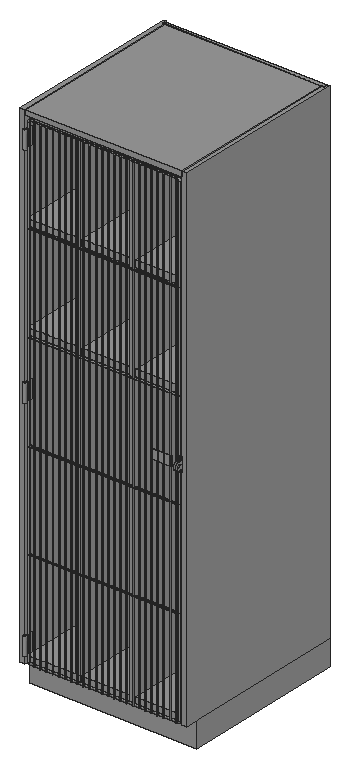
Revit family "TMI_M3048-Music_Wire Grille Doors1", category Casework, Revit 2016
Family settings
  OmniClass Number = 23.40.35.14.11
  OmniClass Title = Modular Casework
  Work Plane-Based = No
  Always vertical = Yes
  Cut with Voids When Loaded = No
  Shared = No
  Room Calculation Point = No
Parameters (values of type "27" x 84-1/2" x 29"")
  URL = "www.tmisystems.com"
  Toe Kick Height = 4"
  Toe Kick Depth = 2"
  Shelf Thickness = 1 1/8"
  Model = "M3048/M5048"
  Manufacturer = "TMI Systems Corporation"
  Interior Finish = none
  Individual Wire Grille Doors [instance] = not(Full Height Wire Grille Door)  # no
  Full Height Wire Grille Door [instance] = yes
  Filler Width (Hinge) [instance] = 3"
  Filler (Pull Side) [instance] = no
  Filler (Hinge Side) [instance] = no
  Filler Width (Pull) [instance] = 3"
  Description = "Clarinet, Flute, Oboe, Piccolo *Top* Acoustic Guitar *Bottom*"
  Depth = 29"
  Height = 84 1/2"
  Width = 27"
  Casework Thickness = 3/4"
  Casework Back Thickness = 1/2"
  Cabinet Finish = Plastic Laminate
  Assembly Code = ""
Types (2): name | Depth
  27" x 84-1/2" x 29" | 29"
  27" x 84-1/2" x 39" | 39"
Reference planes (in)
  plane 1 "Back": y = 15
  plane 2: z = 0
  plane 3 "Center (Left/Right)": x = 0.7377
  plane 4 "Left": x = -12.7623
  plane 5 "Right": x = 14.2377
  plane 6 "Front": y = -14
  plane 7 "Top": z = 84.5
  plane 8: y = 14.375
  plane 9: x = -12.0123
  plane 10: x = 13.4877
  plane 11: z = 83.75
  plane 12: y = 14.875
  plane 13: y = -12
  plane 14: z = 4
  plane 15: z = 5.125
  plane 16: y = -13.61906
  plane 17: z = 68.625
  plane 18: z = 52.75
  plane 19: y = -11.25
  plane 20: y = -13.25
  plane 21: x = -4.0123
  plane 22: x = -3.2623
  plane 23: x = -3.6373
  plane 24: x = 5.4877
  plane 25: x = 4.7377
  plane 26: x = 5.1127
  plane 27: y = -13.49461
  plane 28: z = 83.25
  plane 29: x = 13.8627
  plane 30: x = -12.3873
  plane 31: y = -13.60344
Forms (in)
  Extrusion 1, solid, material "Plastic Laminate" <- "Cabinet Finish"
    sketch origin (0, 0.21844, 0) x (1, 0, 0) y (0, 1, 0)
      loop
        line (-12.7623, 14.78156) -> (-12.7623, -14.21844) -> (-12.0123, -14.21844) -> (-12.0123, 14.15656) -> (-12.38677, 14.15656) -> (-12.38677, 14.78156) -> (-12.7623, 14.78156)
      loop
        line (13.86077, 14.78156) -> (13.86077, 14.15656) -> (13.4877, 14.15656) -> (13.4877, -14.21844) -> (14.2377, -14.21844) -> (14.2377, 14.78156) -> (13.86077, 14.78156)
    from 4 to 84.5
  Extrusion 2, solid, material "Plastic Laminate" <- "Cabinet Finish"
    sketch origin (0.84915, 11.94613, -1.44731) x (1, 0, 0) y (0, 0, 1)
      loop
        line (-12.86145, 6.57231) -> (-12.86145, 5.44731) -> (12.63855, 5.44731) -> (12.63855, 6.57231) -> (-12.86145, 6.57231)
    from -2.42887 to 25.54956
  Extrusion 3, solid, material "Plastic Laminate" <- "Cabinet Finish"
    sketch origin (0, 0, 0) x (1, 0, 0) y (0, 1, 0)
      loop
        line (-12.38677, 14.875) -> (-12.38677, 14.375) -> (13.86077, 14.375) -> (13.86077, 14.875) -> (-12.38677, 14.875)
    from 84.5 to 4
  Extrusion 4, solid, material "Plastic Laminate" <- "Cabinet Finish", visible <- "Filler (Pull Side)"
    sketch origin (0, -14, 0) x (1, 0, 0) y (0, 0, 1)
      loop
        line (14.2377, 84.5) -> (14.2377, 4) -> (17.2377, 4) -> (17.2377, 84.5) -> (14.2377, 84.5)
    from -0.75 to 0
  Extrusion 5, solid, material "Plastic Laminate" <- "Cabinet Finish", visible <- "Filler (Hinge Side)"
    sketch origin (0, -14, 0) x (1, 0, 0) y (0, 0, 1)
      loop
        line (-15.7623, 84.5) -> (-15.7623, 4) -> (-12.7623, 4) -> (-12.7623, 84.5) -> (-15.7623, 84.5)
    from -0.75 to 0
  Extrusion 6, solid, material "Wood"
    sketch origin (0, 0, 0) x (1, 0, 0) y (0, 0, 1)
      loop
        line (14.2377, 4) -> (-12.7623, 4) -> (-12.7623, 0) -> (14.2377, 0) -> (14.2377, 4)
    from -15 to 12
  Extrusion 7, solid, material "Wood", visible <- "Filler (Pull Side)"
    sketch origin (0, 0, 0) x (1, 0, 0) y (0, 0, 1)
      loop
        line (17.2377, 4) -> (14.2377, 4) -> (14.2377, 0) -> (17.2377, 0) -> (17.2377, 4)
    from 11.25 to 12
  Extrusion 8, solid, material "Wood", visible <- "Filler (Hinge Side)"
    sketch origin (0, 0, 0) x (1, 0, 0) y (0, 0, 1)
      loop
        line (-12.7623, 4) -> (-15.7623, 4) -> (-15.7623, 0) -> (-12.7623, 0) -> (-12.7623, 4)
    from 11.25 to 12
  Extrusion 9, solid, material "Plastic Laminate" <- "Cabinet Finish", visible <- "Full Height Wire Grille Door"
    sketch origin (-6, -14, 0) x (1, 0, 0) y (0, 0, 1)
      loop
        line (1.9877, 83.75) -> (1.9877, 4) -> (2.7377, 4) -> (2.7377, 83.75) -> (1.9877, 83.75)
    from -28.375 to -0.39656
  Extrusion 10, solid, material "Plastic Laminate" <- "Cabinet Finish"
    sketch origin (0, -14, 0) x (1, 0, 0) y (0, 0, 1)
      loop
        line (-12.0123, 68.625) -> (-12.0123, 67.5) -> (13.4877, 67.5) -> (13.4877, 68.625) -> (-12.0123, 68.625)
      loop
        line (-12.0123, 52.75) -> (-12.0123, 51.625) -> (13.4877, 51.625) -> (13.4877, 52.75) -> (-12.0123, 52.75)
    from -28.375 to -0.50539
  Extrusion 11, solid, material "Plastic Laminate" <- "Cabinet Finish", visible <- "Full Height Wire Grille Door"
    sketch origin (67.5, -14, 0) x (1, 0, 0) y (0, 0, 1)
      loop
        line (-62.7623, 83.75) -> (-62.7623, 4) -> (-62.0123, 4) -> (-62.0123, 83.75) -> (-62.7623, 83.75)
    from -28.375 to -0.34969
  Extrusion 12, solid, material "Plastic Laminate" <- "Cabinet Finish"
    sketch origin (0, 15, 0) x (1, 0, 0) y (0, 0, 1)
      loop
        line (-12.0123, 84.5) -> (-12.0123, 83.75) -> (13.4877, 83.75) -> (13.4877, 84.5) -> (-12.0123, 84.5)
    from 0.625 to 29
  Extrusion 13, solid, material "Plastic Laminate" <- "Cabinet Finish", visible <- "Individual Wire Grille Doors"
    sketch origin (34, -14, 0) x (1, 0, 0) y (0, 0, 1)
      loop
        line (-38.0123, 83.75) -> (-38.0123, 4) -> (-37.2623, 4) -> (-37.2623, 83.75) -> (-38.0123, 83.75)
    from -28.375 to 0
  Extrusion 14, solid, material "Plastic Laminate" <- "Cabinet Finish", visible <- "Individual Wire Grille Doors"
    sketch origin (107.5, -14, 0) x (1, 0, 0) y (0, 0, 1)
      loop
        line (-102.7623, 83.75) -> (-102.7623, 4) -> (-102.0123, 4) -> (-102.0123, 83.75) -> (-102.7623, 83.75)
    from -28.375 to 0
Lines and regions (in)
  Masking region 1
    outline origin (44.5, 0, 0) x (1, 0, 0) y (0, 1, 0)
      loop
        line (-57.2623, 15) -> (-57.2623, -14) -> (-30.2623, -14) -> (-30.2623, 15) -> (-57.2623, 15)
  Masking region 2, visible <- "Filler (Hinge Side)"
    outline origin (0, 0, 0) x (1, 0, 0) y (0, 1, 0)
      loop
        line (-15.7623, -13.25) -> (-15.7623, -14) -> (-12.7623, -14) -> (-12.7623, -13.25) -> (-15.7623, -13.25)
  Masking region 3, visible <- "Filler (Pull Side)"
    outline origin (0, 0, 0) x (1, 0, 0) y (0, 1, 0)
      loop
        line (14.2377, -13.25) -> (14.2377, -14) -> (17.2377, -14) -> (17.2377, -13.25) -> (14.2377, -13.25)
  symbolic lines, style "CaseworkHiddenLines"
    curve 1: line (-4.8248, -14, 0) -> (-4.9498, -14, 0)
    curve 2: line (4.1752, -14, 0) -> (4.0502, -14, 0)
    curve 3: line (6.3002, -14, 0) -> (6.4252, -14, 0)
Dimensions and locks (in)
  "Width": plane 4 "Left" to plane 5 "Right"
  equal spacing: plane 4 "Left", plane 3 "Center (Left/Right)", plane 5 "Right"
  "Casework Thickness": plane 4 "Left" to plane 9
  "Casework Thickness": plane 10 to plane 5 "Right"
  "Casework Thickness": plane 7 "Top" to plane 11
  "Filler Width (Pull)": plane 5 "Right" to Extrusion 4
  "Filler Width (Hinge)": Extrusion 5 to plane 4 "Left"
  "Depth": plane 6 "Front" to plane 1 "Back"
  locked: plane 12 to plane 1 "Back" at 0.125
  "Toe Kick Depth": plane 13 to plane 6 "Front"
  "Toe Kick Height": plane 14 to level
  "Height": plane 7 "Top" to level
  locked: plane 6 "Front" to plane 16 at 0.38094
  locked: plane 6 "Front" to plane 20 at 0.75
  locked: plane 19 to plane 13 at 0.75
  equal spacing: plane 22, plane 23, plane 21
  "Casework Thickness": plane 22 to plane 21
  equal spacing: plane 25, plane 26, plane 24
  "Casework Thickness": plane 25 to plane 24
  plane 16 to plane 27 = 0.12445"
  locked: plane 11 to plane 28 at 0.5
  "Shelf Thickness": plane 15 to plane 14
  plane 7 "Top" to plane 17 to plane 18 = 15 7/8" locked, 15 7/8" locked
  equal spacing: plane 30, plane 23, plane 26, plane 29
  equal spacing: plane 4 "Left", plane 30, plane 9
  equal spacing: plane 10, plane 29, plane 5 "Right"
  "Casework Back Thickness": plane 12 to plane 8
  "Shelf Thickness": plane 17 to Extrusion 10
  "Shelf Thickness": plane 18 to Extrusion 10
  locked: plane 16 to plane 31 at 0.01562
  aligned and locked: plane 2 to level
  aligned and locked: Extrusion 1 sketch curve to plane 4 "Left"
  aligned and locked: Extrusion 1 sketch curve to plane 9
  aligned and locked: Extrusion 1 sketch curve to plane 10
  aligned and locked: Extrusion 1 sketch curve to plane 5 "Right"
  aligned and locked: Extrusion 1 to plane 1 "Back"  (x2)
  aligned and locked: plane 8 to Extrusion 3 sketch curve
  aligned and locked: Extrusion 1 to plane 7 "Top"
  aligned and locked: plane 7 "Top" to Extrusion 4 sketch curve
  aligned and locked: Extrusion 4 sketch curve to plane 5 "Right"
  aligned and locked: plane 7 "Top" to Extrusion 5 sketch curve
  aligned and locked: Extrusion 7 to Extrusion 6
  aligned and locked: Extrusion 8 to Extrusion 6
  aligned and locked: plane 14 to Extrusion 8
  aligned and locked: plane 14 to Extrusion 6
  aligned and locked: plane 14 to Extrusion 7
  aligned and locked: Extrusion 4 to plane 14
  aligned and locked: Extrusion 5 to plane 14
  aligned and locked: Extrusion 1 to plane 14
  aligned and locked: Extrusion 2 to plane 14
  aligned and locked: plane 15 to Extrusion 2
  aligned and locked: Extrusion 6 to Extrusion 1
  aligned and locked: plane 1 "Back" to Masking region 1 sketch curve
  aligned and locked: Extrusion 8 to plane 13
  aligned and locked: plane 11 to Extrusion 9 sketch curve
  aligned and locked: plane 9 to Extrusion 10 sketch curve  (x2)
  aligned and locked: Extrusion 10 sketch curve to plane 10  (x2)
  aligned and locked: plane 8 to Extrusion 10
  aligned and locked: plane 4 "Left" to Masking region 2 sketch curve
  aligned and locked: Masking region 3 sketch curve to plane 5 "Right"
  aligned and locked: Extrusion 10 to plane 17  (x2)
  aligned and locked: plane 18 to Extrusion 10  (x2)
  aligned and locked: plane 6 "Front" to Extrusion 1  (x2)
  aligned and locked: plane 6 "Front" to Extrusion 4
  aligned and locked: plane 6 "Front" to Extrusion 5
  aligned and locked: Extrusion 7 to plane 19
  aligned and locked: Extrusion 4 to plane 20
  aligned and locked: Extrusion 5 to plane 20
  aligned and locked: plane 19 to Extrusion 8
  aligned and locked: Extrusion 8 to Extrusion 5
  aligned and locked: Masking region 2 to Extrusion 5
  aligned and locked: Masking region 2 to plane 20
  aligned and locked: Extrusion 4 to Extrusion 7
  aligned and locked: Masking region 3 to Extrusion 4
  aligned and locked: Masking region 3 to plane 20
  aligned and locked: Extrusion 2 to plane 9
  aligned and locked: Extrusion 10 to plane 27
  aligned and locked: Extrusion 2 to plane 10
  aligned and locked: plane 8 to Extrusion 11
  aligned and locked: Extrusion 12 sketch curve to plane 11
  aligned and locked: plane 9 to Extrusion 12 sketch curve
  aligned and locked: Extrusion 12 sketch curve to plane 10
  aligned and locked: plane 6 "Front" to Extrusion 12
  aligned and locked: Extrusion 11 to plane 25
  aligned and locked: Extrusion 11 to plane 24
  aligned and locked: plane 9 to Extrusion 1
  aligned and locked: plane 6 "Front" to Masking region 1
  aligned and locked: plane 9 to nested 3
  aligned and locked: nested 2 to plane 22
  aligned and locked: nested 1 to plane 24
  aligned and locked: plane 9 to nested 6
  aligned and locked: nested 5 to plane 22
  aligned and locked: nested 4 to plane 24
  aligned and locked: nested 4 to plane 6 "Front"
  aligned and locked: nested 1 to plane 6 "Front"
  aligned and locked: nested 5 to plane 6 "Front"
  aligned and locked: nested 2 to plane 6 "Front"
  aligned and locked: nested 6 to plane 6 "Front"
  aligned and locked: nested 3 to plane 6 "Front"
  aligned and locked: Extrusion 12 to plane 7 "Top"
  aligned and locked: plane 8 to Extrusion 12
  aligned and locked: Extrusion 3 to Extrusion 1  (x2)
  aligned and locked: plane 8 to Extrusion 2
  aligned and locked: Extrusion 3 to plane 14
  aligned and locked: Extrusion 10 to nested 1
  aligned and locked: Extrusion 10 to nested 2
  aligned and locked: Extrusion 10 to nested 3
  aligned and locked: plane 28 to nested 7
  aligned and locked: nested 7 to plane 6 "Front"
  aligned and locked: plane 9 to nested 7
  aligned and locked: Extrusion 3 to plane 7 "Top"
  aligned and locked: plane 6 "Front" to Extrusion 13
  aligned and locked: plane 6 "Front" to Extrusion 14
  aligned and locked: Extrusion 13 to plane 21
  aligned and locked: plane 8 to Extrusion 13
  aligned and locked: plane 8 to Extrusion 14
  aligned and locked: Extrusion 14 to plane 25
  aligned and locked: Extrusion 14 to plane 11  (x2)
  aligned and locked: Extrusion 13 to plane 22
  aligned and locked: Extrusion 14 to plane 24
  aligned and locked: plane 28 to nested 4
  aligned and locked: plane 28 to nested 6
  aligned and locked: plane 28 to nested 5
  aligned and locked: plane 31 to Extrusion 2
  aligned and locked: Extrusion 11 to plane 14
  aligned and locked: Extrusion 14 to plane 14
  aligned and locked: plane 31 to Extrusion 9
  aligned and locked: Extrusion 9 to plane 14
  aligned and locked: Extrusion 13 to plane 14
  aligned and locked: nested 8 to plane 6 "Front"
  aligned and locked: nested 10 to plane 6 "Front"
  aligned and locked: nested 9 to plane 6 "Front"
  aligned and locked: nested 8 to plane 14
  aligned and locked: nested 9 to plane 14
  aligned and locked: nested 10 to plane 14
  aligned and locked: plane 9 to nested 8
  aligned and locked: plane 22 to nested 9
  aligned and locked: nested 10 to plane 24
  aligned and locked: plane 8 to Extrusion 9
Automatic sketch dimensions
  curve 1 to level = 0"
  curve 2 to level = 0"
  curve 3 to level = 0"
  curve 1 to plane 21 = 15/16"
  curve 1 to curve 1 = 1/8"
  curve 2 to plane 25 = 11/16"
  curve 2 to curve 2 = 1/8"
  curve 3 to plane 24 = 13/16"
  curve 3 to curve 3 = 1/8"
  plane 1 "Back" to Extrusion 1 sketch curve = 0"  (x2)
  Extrusion 1 sketch curve to plane 8 = 0"  (x2)
  plane 6 "Front" to Extrusion 1 sketch curve = 0"  (x2)
  Extrusion 1 sketch curve to plane 30 = 0.00052"
  plane 29 to Extrusion 1 sketch curve = 0.00194"
  Extrusion 2 sketch curve to plane 9 = 0"
  plane 10 to Extrusion 2 sketch curve = 0"
  Extrusion 2 sketch curve to plane 14 = 0"
  Extrusion 2 sketch curve to plane 15 = 0"
  Extrusion 3 sketch curve to plane 12 = 0"
  Extrusion 3 sketch curve to plane 30 = 0.00052"
  plane 29 to Extrusion 3 sketch curve = 0.00194"
  Extrusion 4 sketch curve to plane 14 = 0"
  Extrusion 4 sketch curve to plane 5 "Right" = 3"
  Extrusion 5 sketch curve to plane 14 = 0"
  plane 4 "Left" to Extrusion 5 sketch curve = 0"
  Extrusion 5 sketch curve to Extrusion 5 sketch curve = 3"
  plane 4 "Left" to Extrusion 6 sketch curve = 0"
  Extrusion 6 sketch curve to level = 0"
  plane 5 "Right" to Extrusion 6 sketch curve = 0"
  Extrusion 6 sketch curve to plane 14 = 0"
  plane 5 "Right" to Extrusion 7 sketch curve = 0"
  Extrusion 7 sketch curve to level = 0"
  Extrusion 7 sketch curve to plane 14 = 0"
  Extrusion 7 sketch curve to plane 5 "Right" = 3"
  Extrusion 8 sketch curve to plane 14 = 0"
  Extrusion 8 sketch curve to level = 0"
  plane 4 "Left" to Extrusion 8 sketch curve = 0"
  Extrusion 8 sketch curve to Extrusion 8 sketch curve = 3"
  Masking region 1 sketch curve to plane 4 "Left" = 0"
  Masking region 1 sketch curve to plane 5 "Right" = 0"
  plane 6 "Front" to Masking region 1 sketch curve = 0"
  Extrusion 9 sketch curve to plane 21 = 0"
  plane 22 to Extrusion 9 sketch curve = 0"
  Extrusion 10 sketch curve to plane 18 = 0"
  Extrusion 10 sketch curve to plane 17 = 0"
  plane 6 "Front" to Masking region 2 sketch curve = 0"
  plane 20 to Masking region 2 sketch curve = 0"
  plane 4 "Left" to Masking region 2 sketch curve = 3"
  plane 6 "Front" to Masking region 3 sketch curve = 0"
  plane 20 to Masking region 3 sketch curve = 0"
  Masking region 3 sketch curve to Masking region 3 sketch curve = 3"
  Extrusion 11 sketch curve to plane 15 = 1 1/8"
  Extrusion 11 sketch curve to plane 25 = 0"
  plane 24 to Extrusion 11 sketch curve = 0"
  Extrusion 11 sketch curve to plane 11 = 0"
  Extrusion 12 sketch curve to plane 7 "Top" = 0"
  Extrusion 13 sketch curve to plane 15 = 1 1/8"
  Extrusion 13 sketch curve to plane 11 = 0"
  plane 5 "Right" to Extrusion 13 sketch curve = 18 1/4"
  Extrusion 13 sketch curve to Extrusion 13 sketch curve = 3/4"
  Extrusion 14 sketch curve to plane 15 = 1 1/8"
  Extrusion 14 sketch curve to plane 11 = 0"
  plane 5 "Right" to Extrusion 14 sketch curve = 9 1/2"
  Extrusion 14 sketch curve to Extrusion 14 sketch curve = 3/4"
  Extrusion 10 sketch curve to plane 18 = 1 1/8"
  plane 17 to Extrusion 10 sketch curve = 1 1/8"
  Extrusion 9 sketch curve to plane 15 = 1 1/8"
Nested families (in)
  nested 1: "Individual Wire Grille Doors 27in Wide" at (9.48685, -13.76369, 51.625), visible <- "Individual Wire Grille Doors", type "Individual Wire Grille Doors 27in Wide"
    with Number of Verticle Bars 6, Bar Spacing 1"
  nested 2: "Individual Wire Grille Doors 27in Wide" at (0.73685, -13.76369, 51.625), visible <- "Individual Wire Grille Doors", type "Individual Wire Grille Doors 27in Wide"
    with Number of Verticle Bars 6, Bar Spacing 1"
  nested 3: "Individual Wire Grille Doors 27in Wide" at (-8.01315, -13.76369, 51.625), visible <- "Individual Wire Grille Doors", type "Individual Wire Grille Doors 27in Wide"
    with Number of Verticle Bars 6, Bar Spacing 1"
  nested 4: "Individual Wire Grille Doors 27in Wide" at (9.48685, -13.76369, 67.625), visible <- "Individual Wire Grille Doors", type "Individual Wire Grille Doors 27in Wide"
    with Number of Verticle Bars 6, Bar Spacing 1"
  nested 5: "Individual Wire Grille Doors 27in Wide" at (0.73685, -13.76369, 67.625), visible <- "Individual Wire Grille Doors", type "Individual Wire Grille Doors 27in Wide"
    with Number of Verticle Bars 6, Bar Spacing 1"
  nested 6: "Individual Wire Grille Doors 27in Wide" at (-8.01315, -13.76369, 67.625), visible <- "Individual Wire Grille Doors", type "Individual Wire Grille Doors 27in Wide"
    with Number of Verticle Bars 6, Bar Spacing 1"
  nested 7: "Full Height Wire Grille Door 27in Wide" at (0.73685, -13.76369, 4), visible <- "Full Height Wire Grille Door", type "Full Height Wire Grille Door 27in Wide"
    with Number of Verticle Bars 24, Bar Spacing 1"
  nested 8: "Individual Wire Grille Door 27in Wide 47in H (2Hx3W Doors)" at (-8.01315, -13.76369, 4), visible <- "Individual Wire Grille Doors", type "Individual Wire Grille Door 27in Wide 47in H (2Hx3W Doors)"
    with Number of Verticle Bars 6, Bar Spacing 1"
  nested 9: "Individual Wire Grille Door 27in Wide 47in H (2Hx3W Doors)" at (0.73685, -13.76369, 4), visible <- "Individual Wire Grille Doors", type "Individual Wire Grille Door 27in Wide 47in H (2Hx3W Doors)"
    with Number of Verticle Bars 6, Bar Spacing 1"
  nested 10: "Individual Wire Grille Door 27in Wide 47in H (2Hx3W Doors)" at (9.48685, -13.76369, 4), visible <- "Individual Wire Grille Doors", type "Individual Wire Grille Door 27in Wide 47in H (2Hx3W Doors)"
    with Number of Verticle Bars 6, Bar Spacing 1"
Definition of nested family "Individual Wire Grille Doors 27in Wide"
  Parameters (values of type "Individual Wire Grille Doors 27in Wide")
    Width = 7"
    Pull height from Bottom of Casework = 33 13/16"
    Number of Verticle Bars [instance] = (Width / Bar Spacing) - 1  # 6
    Height = 15 5/8"
    Distance of Hinge from Edge of Casework = 2 13/16"
    Bar Spacing [instance] = 1"
  Reference planes (in)
    plane 1 "Center (Front/Back)": y = 0
    plane 2: z = 0
    plane 3 "Center (Left/Right)": x = 0
    plane 4: x = -3.62415
    plane 5: x = -3.37585
    plane 6: z = 15.625
    plane 7: z = 15.375
    plane 8: z = 15.5
    plane 9: x = -3.5
    plane 10: x = 3.63138
    plane 11: x = 3.36862
    plane 12: x = 3.5
    plane 13: z = 0.25
    plane 14: z = 0.125
    plane 15: y = -0.125
    plane 16: z = 7.8125
    plane 17: y = -0.17188
    plane 18: x = -2.5
    plane 19: y = 0.28516
    plane 20: x = 4.00638
    plane 21: y = -0.23631
    plane 22: z = 2.8125
    plane 23: z = 12.8125
    plane 24: z = 8.93853
    plane 25: z = 7.8125
  Forms (in)
    Sweep 1, solid
      path origin (0, 0, 0) x (1, 0, 0) y (0, 0, 1)
        loop
          arc (-3.25, 15.5) -> (-3.42678, 15.42678) -> (-3.5, 15.25) r 0.25
          line (-3.5, 15.25) -> (-3.5, 0.375)
          arc (-3.5, 0.375) -> (-3.42678, 0.19822) -> (-3.25, 0.125) r 0.25
          line (-3.25, 0.125) -> (3.25, 0.125)
          arc (3.25, 0.125) -> (3.42678, 0.19822) -> (3.5, 0.375) r 0.25
          line (3.5, 0.375) -> (3.5, 15.25)
          arc (3.5, 15.25) -> (3.42678, 15.42678) -> (3.25, 15.5) r 0.25
          line (3.25, 15.5) -> (-3.25, 15.5)
      profile "4 Circle : 4 Circle" origin (0, 0, 15.5) x (0, 0, 1) y (0, -1, 0)
        loop
          circle (0, 0) r 0.125
    Extrusion 2, solid
      sketch origin (0, 0, 0) x (0, 1, 0) y (0, 0, 1)
        loop
          circle (0, 7.8125) r 0.125
      from -3.5 to 3.5
    Extrusion 3, solid
      sketch origin (0.0625, 0, 0) x (1, 0, 0) y (0, 1, 0)
        loop
          circle (-2.5625, -0.17188) r 0.0625
      from 0 to 15.625
    Extrusion 4, solid
      sketch origin (1.0625, 0, 0) x (1, 0, 0) y (0, 1, 0)
        loop
          circle (-2.5625, -0.17188) r 0.0625
      from 0 to 15.625
    Extrusion 5, solid
      sketch origin (2.0625, 0, 0) x (1, 0, 0) y (0, 1, 0)
        loop
          circle (-2.5625, -0.17188) r 0.0625
      from 0 to 15.625
    Extrusion 6, solid
      sketch origin (3.0625, 0, 0) x (1, 0, 0) y (0, 1, 0)
        loop
          circle (-2.5625, -0.17188) r 0.0625
      from 0 to 15.625
    Extrusion 7, solid
      sketch origin (4.0625, 0, 0) x (1, 0, 0) y (0, 1, 0)
        loop
          circle (-2.5625, -0.17188) r 0.0625
      from 0 to 15.625
    Extrusion 8, solid
      sketch origin (5.0625, 0, 0) x (1, 0, 0) y (0, 1, 0)
        loop
          circle (-2.5625, -0.17188) r 0.0625
      from 0 to 15.625
    Extrusion 9, solid
      sketch origin (0, 0, 0) x (1, 0, 0) y (0, 0, 1)
        loop
          line (-0.80612, 8.5625) -> (-0.80612, 7.0625) -> (2.38138, 7.0625) -> (2.38138, 8.5625) -> (-0.80612, 8.5625)
      from 0.23631 to 0.33984
  Lines and regions (in)
    model lines
      curve 1: line (3.5, 0, 15.5) -> (-3.5, 0, 7.8125)
      curve 2: line (-3.5, 0, 7.8125) -> (3.5, 0, 0.125)
  Dimensions and locks (in)
    locked: plane 6 to plane 7 at 0.25
    equal spacing: plane 6, plane 8, plane 7
    equal spacing: plane 4, plane 9, plane 5
    locked: plane 4 to plane 5 at 0.24829
    equal spacing: plane 10, plane 12, plane 11
    plane 10 to plane 11 = 0.26276"
    equal spacing: plane 13, plane 14, plane 2
    locked: plane 13 to plane 2 at 0.25
    equal spacing: plane 12, plane 3 "Center (Left/Right)", plane 9
    locked: plane 15 to plane 1 "Center (Front/Back)" at 0.125
    "Width": plane 12 to plane 9
    "Height": plane 6 to plane 2
    plane 8 to plane 14 = 15 3/8"
    "Bar Spacing": plane 9 to plane 18
    locked: plane 15 to plane 17 at 0.04688
    plane 1 "Center (Front/Back)" to plane 19 = 73/256"
    locked: plane 10 to plane 20 at 0.375
    locked: plane 17 to plane 21 at 0.06444
    "Distance of Hinge from Edge of Casework": plane 6 to plane 23
    "Distance of Hinge from Edge of Casework": plane 22 to plane 2
    locked: plane 24 to plane 16 at 1.12603
    equal spacing: group 1, group 2, group 3, group 4, group 5, group 6  (x3)
    equal spacing: plane 6, plane 16, level
    locked: Extrusion 9 sketch curve to Extrusion 9 sketch curve at 3.1875
    locked: Extrusion 9 sketch curve to nested 1 at 1.25
    equal spacing: Extrusion 9 sketch curve, plane 25, Extrusion 9 sketch curve
    locked: Extrusion 9 sketch curve to Extrusion 9 sketch curve at 1.5
    aligned and locked: plane 12 to Sweep 1 sketch curve
    aligned and locked: Sweep 1 sketch curve to plane 8
    aligned and locked: plane 9 to Sweep 1 sketch curve
    aligned and locked: plane 14 to Sweep 1 sketch curve
    aligned and locked: nested 1 to plane 10
    aligned and locked: plane 19 to nested 1
    aligned and locked: plane 19 to nested 2
    aligned and locked: plane 10 to nested 1
    aligned and locked: nested 3 to plane 4
    aligned and locked: nested 3 to plane 21
    aligned and locked: nested 3 to plane 23
    aligned and locked: nested 4 to plane 4
    aligned and locked: nested 4 to plane 21
    aligned and locked: nested 4 to plane 22
    aligned and locked: Extrusion 2 to plane 9
    aligned and locked: Extrusion 2 to plane 12
    aligned and locked: Extrusion 3 to plane 2
    aligned and locked: plane 20 to nested 2
    aligned and locked: plane 17 to Extrusion 3
    aligned and locked: nested 2 to plane 24
    aligned and locked: nested 1 to plane 24
    aligned and locked: plane 6 to Extrusion 3
    aligned and locked: plane 16 to plane 25
    aligned and locked: plane 21 to Extrusion 9
    aligned and locked: nested 1 to Extrusion 9
  Automatic sketch dimensions
    plane 5 to Sweep 1 sketch curve = 0.12585"
    Sweep 1 sketch curve to Sweep 1 sketch curve = 1/4"  (x2)
    plane 11 to Sweep 1 sketch curve = 0.11862"
    Extrusion 2 sketch curve to plane 1 "Center (Front/Back)" = 0"
    Extrusion 2 sketch curve to plane 16 = 0"
    curve 2 to plane 9 = 0"
    plane 12 to curve 2 = 0"
    curve 1 to plane 8 = 0"
    plane 12 to curve 1 = 0"
    curve 2 to plane 14 = 0"
    curve 2 to plane 16 = 0"
    radius of Extrusion 2 sketch curve = 1/8"
    radius of Extrusion 3 sketch curve = 1/16"
    radius of Extrusion 4 sketch curve = 1/16"
    radius of Extrusion 5 sketch curve = 1/16"
    radius of Extrusion 6 sketch curve = 1/16"
    radius of Extrusion 7 sketch curve = 1/16"
    radius of Extrusion 8 sketch curve = 1/16"
  Nested families (in)
    nested 1: "Pad Lock" at (3.63138, -0.33984, 7.81353), type "Pad Lock"
    nested 2: "Pad Lock" at (3.94388, -0.33984, 7.81353), type "Pad Lock"
    nested 3: "5k hinge (music)" at (-3.8429, 0.76369, 11.40625) x (-1, 0, 0) z (0, 0, 1), type "5k hinge (music)"
      with Width 16"
    nested 4: "5k hinge (music)" at (-3.8429, 0.76369, 1.40625) x (-1, 0, 0) z (0, 0, 1), type "5k hinge (music)"
      with Width 16"
  Definition of nested family "Pad Lock"
    Reference planes (in)
      plane 1 "Center (Front/Back)": y = 0
      plane 2: z = 0
      plane 3 "Center (Left/Right)": x = 0
      plane 4: z = 1.125
      plane 5: z = -1.125
      plane 6: y = -1.125
      plane 7: y = 0.625
      plane 8: y = -0.5625
      plane 9: x = 0.0625
    Forms (in)
      Extrusion 1, solid
        sketch origin (0, 0.00036, 0.01611) x (0, 0, 1) y (0, -1, 0)
          loop
            line (0.98389, 0) -> (0.56967, 0) -> (0.56967, 0.56286)
            arc (0.56967, 0.56286) -> (0, 1.13253) -> (-0.56967, 0.56286) r 0.56967
            line (-0.56967, 0.56286) -> (-0.56967, 0) -> (-1.01611, 0)
            arc (-1.01611, 0) -> (-1.1045, -0.03661) -> (-1.14111, -0.125) r 0.125
            line (-1.14111, -0.125) -> (-1.14111, -0.62464) -> (1.10889, -0.62464) -> (1.10889, -0.125)
            arc (1.10889, -0.125) -> (1.07227, -0.03661) -> (0.98389, 0) r 0.125
          loop
            circle (0, 0.56286) r 0.375
        from 0 to 0.0625
    Dimensions and locks (in)
      locked: plane 4 to plane 5 at 2.25
      locked: plane 6 to plane 7 at 1.75
      locked: plane 9 to plane 3 "Center (Left/Right)" at 0.0625
      equal spacing: plane 1 "Center (Front/Back)", plane 8, plane 6
      locked: plane 7 to plane 1 "Center (Front/Back)" at 0.625
      equal spacing: plane 5, plane 2, plane 4
      aligned and locked: plane 2 to level
      aligned and locked: plane 9 to Extrusion 1
    Automatic sketch dimensions
      Extrusion 1 sketch curve to Extrusion 1 sketch curve = 0"  (x2)
      Extrusion 1 sketch curve to plane 5 = 0"
      Extrusion 1 sketch curve to plane 8 = 0"
      plane 4 to Extrusion 1 sketch curve = 0"
      Extrusion 1 sketch curve to plane 7 = 0"
      Extrusion 1 sketch curve to plane 1 "Center (Front/Back)" = 0.00036"
      plane 5 to Extrusion 1 sketch curve = 1/8"
      Extrusion 1 sketch curve to level = 0.55355"
      level to Extrusion 1 sketch curve = 0.01611"
      Extrusion 1 sketch curve to Extrusion 1 sketch curve = 1/8"
      Extrusion 1 sketch curve to plane 1 "Center (Front/Back)" = 0.12536"
      radius of Extrusion 1 sketch curve = 3/8"
  Definition of nested family "5k hinge (music)"
    Parameters (values of type "5k hinge (music)")
      door thickness = 1"
      Width [instance] = 16"
      Hinge Distance from Door = 9/16"
      5K hinge size = 2 13/16"
    Reference planes (in)
      plane 1 "Center (Front/Back)": y = 0
      plane 2: z = 0
      plane 3 "Center (Left/Right)": x = 0
      plane 4: x = -0.15625
      plane 5: y = -1
      plane 6: y = -0.5
      plane 7: y = -1.5625
      plane 8: y = -1.28125
      plane 9: x = 0.15625
      plane 10: z = 2.8125
      plane 11: z = 1.40625
      plane 12: x = -0.21875
    Forms (in)
      Extrusion 1, solid
        sketch origin (-8.15625, 0, 0) x (1, 0, 0) y (0, 1, 0)
          loop
            line (8.15625, -1) -> (8.15625, -1.04949)
            arc (8.15625, -1.04949) -> (7.85521, -1.421) -> (8.3125, -1.28125) r 0.25
            line (8.3125, -1.28125) -> (8.3125, 0) -> (8.15625, 0) -> (7.9375, 0) -> (7.9375, -1) -> (8.15625, -1)
        from 0 to 2.8125
    Dimensions and locks (in)
      equal spacing: plane 1 "Center (Front/Back)", plane 6, plane 5
      "Hinge Distance from Door": plane 5 to plane 7
      equal spacing: plane 5, plane 8, plane 7
      "5K hinge size": plane 10 to plane 2
      "door thickness": plane 1 "Center (Front/Back)" to plane 5
      equal spacing: plane 10, plane 11, plane 2
      equal spacing: plane 4, plane 3 "Center (Left/Right)", plane 9
      plane 4 to plane 9 = 5/16"
      plane 12 to plane 4 = 1/16"
      aligned and locked: plane 2 to level
      aligned and locked: plane 5 to Extrusion 1 sketch curve
      aligned and locked: Extrusion 1 to plane 10
      aligned and locked: plane 9 to Extrusion 1
      aligned and locked: Extrusion 1 to plane 2
      aligned and locked: plane 12 to Extrusion 1 sketch curve
    Automatic sketch dimensions
      Extrusion 1 sketch curve to plane 8 = 0"
      plane 1 "Center (Front/Back)" to Extrusion 1 sketch curve = 0"
      Extrusion 1 sketch curve to plane 9 = 0"
      plane 4 to Extrusion 1 sketch curve = 1/16"
      Extrusion 1 sketch curve to plane 3 "Center (Left/Right)" = 0"  (x2)
Definition of nested family "Full Height Wire Grille Door 27in Wide"
  Parameters (values of type "Full Height Wire Grille Door 27in Wide")
    Width = 24 1/2"
    Pull height from Bottom of Casework = 37 13/16"
    Number of Verticle Bars [instance] = (Width / Bar Spacing) - 1  # 24
    Height = 79 1/4"
    Distance of Hinge from Edge of Casework = 2 13/16"
    Bar Spacing [instance] = 1"
  Reference planes (in)
    plane 1 "Center (Front/Back)": y = 0
    plane 2: z = 0
    plane 3 "Center (Left/Right)": x = 0
    plane 4: x = -12.37415
    plane 5: x = -12.12585
    plane 6: z = 79.25
    plane 7: z = 79
    plane 8: z = 79.125
    plane 9: x = -12.25
    plane 10: x = 12.38138
    plane 11: x = 12.11862
    plane 12: x = 12.25
    plane 13: z = 0.25
    plane 14: z = 0.125
    plane 15: y = -0.125
    plane 16: z = 39.625
    plane 17: z = 47.525
    plane 18: z = 63.325
    plane 19: z = 31.725
    plane 20: z = 15.925
    plane 21: y = -0.17188
    plane 22: x = -11.25
    plane 23: y = 0.28516
    plane 24: x = 12.75638
    plane 25: y = -0.23631
    plane 26: z = 37.8125
    plane 27: z = 2.8125
    plane 28: z = 76.4375
    plane 29: z = 38.9375
    plane 30: z = 37.8125
  Forms (in)
    Sweep 1, solid
      path origin (0, 0, 0) x (1, 0, 0) y (0, 0, 1)
        loop
          arc (-12, 79.125) -> (-12.17678, 79.05178) -> (-12.25, 78.875) r 0.25
          line (-12.25, 78.875) -> (-12.25, 0.375)
          arc (-12.25, 0.375) -> (-12.17678, 0.19822) -> (-12, 0.125) r 0.25
          line (-12, 0.125) -> (12, 0.125)
          arc (12, 0.125) -> (12.17678, 0.19822) -> (12.25, 0.375) r 0.25
          line (12.25, 0.375) -> (12.25, 78.875)
          arc (12.25, 78.875) -> (12.17678, 79.05178) -> (12, 79.125) r 0.25
          line (12, 79.125) -> (-12, 79.125)
      profile "4 Circle : 4 Circle" origin (0, 0, 79.125) x (0, 0, 1) y (0, -1, 0)
        loop
          circle (0, 0) r 0.125
    Extrusion 2, solid
      sketch origin (0, 0, 0) x (0, 1, 0) y (0, 0, 1)
        loop
          circle (0, 63.325) r 0.125
        loop
          circle (0, 47.525) r 0.125
        loop
          circle (0, 15.925) r 0.125
        loop
          circle (0, 31.725) r 0.125
      from -12.25 to 12.25
    Extrusion 3, solid
      sketch origin (-0.62456, 0, 0) x (1, 0, 0) y (0, 1, 0)
        loop
          circle (-10.62544, -0.17188) r 0.0625
      from 0 to 79.25
    Extrusion 4, solid
      sketch origin (0.37544, 0, 0) x (1, 0, 0) y (0, 1, 0)
        loop
          circle (-10.62544, -0.17188) r 0.0625
      from 0 to 79.25
    Extrusion 5, solid
      sketch origin (1.37544, 0, 0) x (1, 0, 0) y (0, 1, 0)
        loop
          circle (-10.62544, -0.17188) r 0.0625
      from 0 to 79.25
    Extrusion 6, solid
      sketch origin (2.37544, 0, 0) x (1, 0, 0) y (0, 1, 0)
        loop
          circle (-10.62544, -0.17188) r 0.0625
      from 0 to 79.25
    Extrusion 7, solid
      sketch origin (3.37544, 0, 0) x (1, 0, 0) y (0, 1, 0)
        loop
          circle (-10.62544, -0.17188) r 0.0625
      from 0 to 79.25
    Extrusion 8, solid
      sketch origin (4.37544, 0, 0) x (1, 0, 0) y (0, 1, 0)
        loop
          circle (-10.62544, -0.17188) r 0.0625
      from 0 to 79.25
    Extrusion 9, solid
      sketch origin (5.37544, 0, 0) x (1, 0, 0) y (0, 1, 0)
        loop
          circle (-10.62544, -0.17188) r 0.0625
      from 0 to 79.25
    Extrusion 10, solid
      sketch origin (6.37544, 0, 0) x (1, 0, 0) y (0, 1, 0)
        loop
          circle (-10.62544, -0.17188) r 0.0625
      from 0 to 79.25
    Extrusion 11, solid
      sketch origin (7.37544, 0, 0) x (1, 0, 0) y (0, 1, 0)
        loop
          circle (-10.62544, -0.17188) r 0.0625
      from 0 to 79.25
    Extrusion 12, solid
      sketch origin (8.37544, 0, 0) x (1, 0, 0) y (0, 1, 0)
        loop
          circle (-10.62544, -0.17188) r 0.0625
      from 0 to 79.25
    Extrusion 13, solid
      sketch origin (9.37544, 0, 0) x (1, 0, 0) y (0, 1, 0)
        loop
          circle (-10.62544, -0.17188) r 0.0625
      from 0 to 79.25
    Extrusion 14, solid
      sketch origin (10.37544, 0, 0) x (1, 0, 0) y (0, 1, 0)
        loop
          circle (-10.62544, -0.17188) r 0.0625
      from 0 to 79.25
    Extrusion 15, solid
      sketch origin (11.37544, 0, 0) x (1, 0, 0) y (0, 1, 0)
        loop
          circle (-10.62544, -0.17188) r 0.0625
      from 0 to 79.25
    Extrusion 16, solid
      sketch origin (12.37544, 0, 0) x (1, 0, 0) y (0, 1, 0)
        loop
          circle (-10.62544, -0.17188) r 0.0625
      from 0 to 79.25
    Extrusion 17, solid
      sketch origin (13.37544, 0, 0) x (1, 0, 0) y (0, 1, 0)
        loop
          circle (-10.62544, -0.17188) r 0.0625
      from 0 to 79.25
    Extrusion 18, solid
      sketch origin (14.37544, 0, 0) x (1, 0, 0) y (0, 1, 0)
        loop
          circle (-10.62544, -0.17188) r 0.0625
      from 0 to 79.25
    Extrusion 19, solid
      sketch origin (15.37544, 0, 0) x (1, 0, 0) y (0, 1, 0)
        loop
          circle (-10.62544, -0.17188) r 0.0625
      from 0 to 79.25
    Extrusion 20, solid
      sketch origin (16.37544, 0, 0) x (1, 0, 0) y (0, 1, 0)
        loop
          circle (-10.62544, -0.17188) r 0.0625
      from 0 to 79.25
    Extrusion 21, solid
      sketch origin (17.37544, 0, 0) x (1, 0, 0) y (0, 1, 0)
        loop
          circle (-10.62544, -0.17188) r 0.0625
      from 0 to 79.25
    Extrusion 22, solid
      sketch origin (18.37544, 0, 0) x (1, 0, 0) y (0, 1, 0)
        loop
          circle (-10.62544, -0.17188) r 0.0625
      from 0 to 79.25
    Extrusion 23, solid
      sketch origin (19.37544, 0, 0) x (1, 0, 0) y (0, 1, 0)
        loop
          circle (-10.62544, -0.17188) r 0.0625
      from 0 to 79.25
    Extrusion 24, solid
      sketch origin (20.37544, 0, 0) x (1, 0, 0) y (0, 1, 0)
        loop
          circle (-10.62544, -0.17188) r 0.0625
      from 0 to 79.25
    Extrusion 25, solid
      sketch origin (21.37544, 0, 0) x (1, 0, 0) y (0, 1, 0)
        loop
          circle (-10.62544, -0.17188) r 0.0625
      from 0 to 79.25
    Extrusion 26, solid
      sketch origin (22.37544, 0, 0) x (1, 0, 0) y (0, 1, 0)
        loop
          circle (-10.62544, -0.17188) r 0.0625
      from 0 to 79.25
    Extrusion 27, solid
      sketch origin (0, 0, 0) x (1, 0, 0) y (0, 0, 1)
        loop
          line (7.94388, 38.5625) -> (7.94388, 37.0625) -> (11.13138, 37.0625) -> (11.13138, 38.5625) -> (7.94388, 38.5625)
      from 0.23631 to 0.33984
  Lines and regions (in)
    model lines
      curve 1: line (12.27951, 0, 79.125) -> (-12.25002, 0, 39.625)
      curve 2: line (-12.25002, 0, 39.625) -> (12.25, 0, 0.125)
  Dimensions and locks (in)
    locked: plane 6 to plane 7 at 0.25
    equal spacing: plane 6, plane 8, plane 7
    equal spacing: plane 4, plane 9, plane 5
    locked: plane 4 to plane 5 at 0.24829
    equal spacing: plane 10, plane 12, plane 11
    plane 10 to plane 11 = 0.26276"
    equal spacing: plane 13, plane 14, plane 2
    locked: plane 13 to plane 2 at 0.25
    equal spacing: plane 12, plane 3 "Center (Left/Right)", plane 9
    locked: plane 15 to plane 1 "Center (Front/Back)" at 0.125
    "Width": plane 12 to plane 9
    "Height": plane 6 to plane 2
    plane 8 to plane 14 = 79"
    equal spacing: plane 8, plane 18, plane 17, plane 19, plane 20, plane 14
    "Bar Spacing": plane 9 to plane 22
    locked: plane 15 to plane 21 at 0.04688
    plane 1 "Center (Front/Back)" to plane 23 = 73/256"
    locked: plane 10 to plane 24 at 0.375
    locked: plane 21 to plane 25 at 0.06444
    "Pull height from Bottom of Casework": plane 26 to plane 2
    "Distance of Hinge from Edge of Casework": plane 6 to plane 28
    "Distance of Hinge from Edge of Casework": plane 27 to plane 2
    equal spacing: plane 6, plane 16, level
    locked: plane 29 to plane 26 at 1.125
    equal spacing: group 1, group 2, group 3, group 4, group 5, group 6, group 7, group 8, group 9, group 10, group 11, group 12, group 13, group 14, group 15, group 16, group 17, group 18, group 19, group 20, group 21, group 22, group 23, group 24  (x3)
    locked: Extrusion 27 sketch curve to Extrusion 27 sketch curve at 1.5
    locked: Extrusion 27 sketch curve to Extrusion 27 sketch curve at 3.1875
    equal spacing: Extrusion 27 sketch curve, plane 30, Extrusion 27 sketch curve
    locked: nested 1 to Extrusion 27 sketch curve at 1.25
    aligned and locked: plane 2 to level
    aligned and locked: Sweep 1 sketch curve to plane 12
    aligned and locked: Sweep 1 sketch curve to plane 8
    aligned and locked: plane 9 to Sweep 1 sketch curve
    aligned and locked: plane 14 to Sweep 1 sketch curve
    aligned and locked: Extrusion 2 to plane 12
    aligned and locked: Extrusion 2 to plane 9
    aligned and locked: Extrusion 3 to plane 2
    aligned and locked: nested 1 to plane 10
    aligned and locked: nested 1 to plane 23
    aligned and locked: plane 24 to nested 2
    aligned and locked: nested 2 to plane 23
    aligned and locked: plane 10 to nested 1
    aligned and locked: nested 3 to plane 4
    aligned and locked: plane 25 to nested 3
    aligned and locked: nested 3 to plane 28
    aligned and locked: nested 4 to plane 4
    aligned and locked: plane 25 to nested 4
    aligned and locked: nested 4 to plane 27
    aligned and locked: nested 5 to plane 4
    aligned and locked: nested 5 to plane 16
    aligned and locked: plane 25 to nested 5
    aligned and locked: plane 6 to Extrusion 3
    aligned and locked: nested 2 to plane 29
    aligned and locked: nested 1 to plane 29
    aligned and locked: plane 30 to plane 26
    aligned and locked: plane 25 to Extrusion 27
    aligned and locked: nested 1 to Extrusion 27
  Automatic sketch dimensions
    plane 5 to Sweep 1 sketch curve = 0.12585"
    Sweep 1 sketch curve to Sweep 1 sketch curve = 1/4"  (x2)
    plane 11 to Sweep 1 sketch curve = 0.11862"
    Extrusion 2 sketch curve to plane 1 "Center (Front/Back)" = 0"  (x4)
    Extrusion 2 sketch curve to plane 20 = 0"
    Extrusion 2 sketch curve to plane 19 = 0"
    Extrusion 2 sketch curve to plane 17 = 0"
    Extrusion 2 sketch curve to plane 18 = 0"
    curve 2 to plane 16 = 0"
    plane 12 to curve 2 = 0"
    curve 1 to plane 8 = 0"
    curve 2 to plane 14 = 0"
    curve 2 to plane 9 = 0"
    curve 1 to plane 12 = 0.02951"
    radius of Extrusion 3 sketch curve = 1/16"
    radius of Extrusion 2 sketch curve = 1/8"  (x4)
    radius of Extrusion 4 sketch curve = 1/16"
    radius of Extrusion 5 sketch curve = 1/16"
    radius of Extrusion 6 sketch curve = 1/16"
    radius of Extrusion 7 sketch curve = 1/16"
    radius of Extrusion 8 sketch curve = 1/16"
    radius of Extrusion 9 sketch curve = 1/16"
    radius of Extrusion 10 sketch curve = 1/16"
    radius of Extrusion 11 sketch curve = 1/16"
    radius of Extrusion 12 sketch curve = 1/16"
    radius of Extrusion 13 sketch curve = 1/16"
    radius of Extrusion 14 sketch curve = 1/16"
    radius of Extrusion 15 sketch curve = 1/16"
    radius of Extrusion 16 sketch curve = 1/16"
    radius of Extrusion 17 sketch curve = 1/16"
    radius of Extrusion 18 sketch curve = 1/16"
    radius of Extrusion 19 sketch curve = 1/16"
    radius of Extrusion 20 sketch curve = 1/16"
    radius of Extrusion 21 sketch curve = 1/16"
    radius of Extrusion 22 sketch curve = 1/16"
    radius of Extrusion 23 sketch curve = 1/16"
    radius of Extrusion 24 sketch curve = 1/16"
    radius of Extrusion 25 sketch curve = 1/16"
    radius of Extrusion 26 sketch curve = 1/16"
  Nested families (in)
    nested 1: "Pad Lock" at (12.38138, -0.33984, 37.8125), type "Pad Lock"
    nested 2: "Pad Lock" at (12.69388, -0.33984, 37.8125), type "Pad Lock"
    nested 3: "5k hinge (music)" at (-12.5929, 0.76369, 75.03125) x (-1, 0, 0) z (0, 0, 1), type "5k hinge (music)"
      with Width 16"
    nested 4: "5k hinge (music)" at (-12.5929, 0.76369, 1.40625) x (-1, 0, 0) z (0, 0, 1), type "5k hinge (music)"
      with Width 16"
    nested 5: "5k hinge (music)" at (-12.5929, 0.76369, 38.21875) x (-1, 0, 0) z (0, 0, 1), type "5k hinge (music)"
      with Width 16"
  Definition of nested family "Pad Lock"
    Reference planes (in)
      plane 1 "Center (Front/Back)": y = 0
      plane 2: z = 0
      plane 3 "Center (Left/Right)": x = 0
      plane 4: z = 1.125
      plane 5: z = -1.125
      plane 6: y = -1.125
      plane 7: y = 0.625
      plane 8: y = -0.5625
      plane 9: x = 0.0625
    Forms (in)
      Extrusion 1, solid
        sketch origin (0, 0.00036, 0.01611) x (0, 0, 1) y (0, -1, 0)
          loop
            line (0.98389, 0) -> (0.56967, 0) -> (0.56967, 0.56286)
            arc (0.56967, 0.56286) -> (0, 1.13253) -> (-0.56967, 0.56286) r 0.56967
            line (-0.56967, 0.56286) -> (-0.56967, 0) -> (-1.01611, 0)
            arc (-1.01611, 0) -> (-1.1045, -0.03661) -> (-1.14111, -0.125) r 0.125
            line (-1.14111, -0.125) -> (-1.14111, -0.62464) -> (1.10889, -0.62464) -> (1.10889, -0.125)
            arc (1.10889, -0.125) -> (1.07227, -0.03661) -> (0.98389, 0) r 0.125
          loop
            circle (0, 0.56286) r 0.375
        from 0 to 0.0625
    Dimensions and locks (in)
      locked: plane 4 to plane 5 at 2.25
      locked: plane 6 to plane 7 at 1.75
      locked: plane 9 to plane 3 "Center (Left/Right)" at 0.0625
      equal spacing: plane 1 "Center (Front/Back)", plane 8, plane 6
      locked: plane 7 to plane 1 "Center (Front/Back)" at 0.625
      equal spacing: plane 5, plane 2, plane 4
      aligned and locked: plane 2 to level
      aligned and locked: plane 9 to Extrusion 1
    Automatic sketch dimensions
      Extrusion 1 sketch curve to Extrusion 1 sketch curve = 0"  (x2)
      Extrusion 1 sketch curve to plane 5 = 0"
      Extrusion 1 sketch curve to plane 8 = 0"
      plane 4 to Extrusion 1 sketch curve = 0"
      Extrusion 1 sketch curve to plane 7 = 0"
      Extrusion 1 sketch curve to plane 1 "Center (Front/Back)" = 0.00036"
      plane 5 to Extrusion 1 sketch curve = 1/8"
      Extrusion 1 sketch curve to level = 0.55355"
      level to Extrusion 1 sketch curve = 0.01611"
      Extrusion 1 sketch curve to Extrusion 1 sketch curve = 1/8"
      Extrusion 1 sketch curve to plane 1 "Center (Front/Back)" = 0.12536"
      radius of Extrusion 1 sketch curve = 3/8"
  Definition of nested family "5k hinge (music)"
    Parameters (values of type "5k hinge (music)")
      door thickness = 1"
      Width [instance] = 16"
      Hinge Distance from Door = 9/16"
      5K hinge size = 2 13/16"
    Reference planes (in)
      plane 1 "Center (Front/Back)": y = 0
      plane 2: z = 0
      plane 3 "Center (Left/Right)": x = 0
      plane 4: x = -0.15625
      plane 5: y = -1
      plane 6: y = -0.5
      plane 7: y = -1.5625
      plane 8: y = -1.28125
      plane 9: x = 0.15625
      plane 10: z = 2.8125
      plane 11: z = 1.40625
      plane 12: x = -0.21875
    Forms (in)
      Extrusion 1, solid
        sketch origin (-8.15625, 0, 0) x (1, 0, 0) y (0, 1, 0)
          loop
            line (8.15625, -1) -> (8.15625, -1.04949)
            arc (8.15625, -1.04949) -> (7.85521, -1.421) -> (8.3125, -1.28125) r 0.25
            line (8.3125, -1.28125) -> (8.3125, 0) -> (8.15625, 0) -> (7.9375, 0) -> (7.9375, -1) -> (8.15625, -1)
        from 0 to 2.8125
    Dimensions and locks (in)
      equal spacing: plane 1 "Center (Front/Back)", plane 6, plane 5
      "Hinge Distance from Door": plane 5 to plane 7
      equal spacing: plane 5, plane 8, plane 7
      "5K hinge size": plane 10 to plane 2
      "door thickness": plane 1 "Center (Front/Back)" to plane 5
      equal spacing: plane 10, plane 11, plane 2
      equal spacing: plane 4, plane 3 "Center (Left/Right)", plane 9
      plane 4 to plane 9 = 5/16"
      plane 12 to plane 4 = 1/16"
      aligned and locked: plane 2 to level
      aligned and locked: plane 5 to Extrusion 1 sketch curve
      aligned and locked: Extrusion 1 to plane 10
      aligned and locked: plane 9 to Extrusion 1
      aligned and locked: Extrusion 1 to plane 2
      aligned and locked: plane 12 to Extrusion 1 sketch curve
    Automatic sketch dimensions
      Extrusion 1 sketch curve to plane 8 = 0"
      plane 1 "Center (Front/Back)" to Extrusion 1 sketch curve = 0"
      Extrusion 1 sketch curve to plane 9 = 0"
      plane 4 to Extrusion 1 sketch curve = 1/16"
      Extrusion 1 sketch curve to plane 3 "Center (Left/Right)" = 0"  (x2)
Definition of nested family "Individual Wire Grille Door 27in Wide 47in H (2Hx3W Doors)"
  Parameters (values of type "Individual Wire Grille Door 27in Wide 47in H (2Hx3W Doors)")
    Width = 7"
    Pull height from Bottom of Casework = 33 13/16"
    Number of Verticle Bars [instance] = (Width / Bar Spacing) - 1  # 6
    Height = 47 3/8"
    Distance of Hinge from Edge of Casework = 2 13/16"
    Bar Spacing [instance] = 1"
  Reference planes (in)
    plane 1 "Center (Front/Back)": y = 0
    plane 2: z = 0
    plane 3 "Center (Left/Right)": x = 0
    plane 4: x = -3.62415
    plane 5: x = -3.37585
    plane 6: z = 47.375
    plane 7: z = 47.125
    plane 8: z = 47.24956
    plane 9: x = -3.5
    plane 10: x = 3.63138
    plane 11: x = 3.36862
    plane 12: x = 3.5
    plane 13: z = 0.25
    plane 14: z = 0.125
    plane 15: y = -0.125
    plane 16: z = 23.6875
    plane 17: y = -0.17188
    plane 18: y = 0.28516
    plane 19: x = 4.00638
    plane 20: y = -0.23631
    plane 21: z = 2.8125
    plane 22: z = 44.5625
    plane 23: z = 24.81353
    plane 24: x = -2.5
    plane 25: z = 15.79167
    plane 26: z = 31.58333
    plane 27: z = 23.6875
  Forms (in)
    Sweep 1, solid
      path origin (0, 0, 0) x (1, 0, 0) y (0, 0, 1)
        loop
          arc (-3.25, 47.24956) -> (-3.42678, 47.17634) -> (-3.5, 46.99956) r 0.25
          line (-3.5, 46.99956) -> (-3.5, 0.375)
          arc (-3.5, 0.375) -> (-3.42678, 0.19822) -> (-3.25, 0.125) r 0.25
          line (-3.25, 0.125) -> (3.25, 0.125)
          arc (3.25, 0.125) -> (3.42678, 0.19822) -> (3.5, 0.375) r 0.25
          line (3.5, 0.375) -> (3.5, 46.99956)
          arc (3.5, 46.99956) -> (3.42678, 47.17634) -> (3.25, 47.24956) r 0.25
          line (3.25, 47.24956) -> (-3.25, 47.24956)
      profile "4 Circle : 4 Circle" origin (0, 0, 47.24956) x (0, 0, 1) y (0, -1, 0)
        loop
          circle (0, 0) r 0.125
    Extrusion 2, solid
      sketch origin (0, 0, -7.89453) x (0, 1, 0) y (0, 0, 1)
        loop
          circle (0, 23.6875) r 0.125
        loop
          circle (0, 39.47786) r 0.125
      from -3.5 to 3.5
    Extrusion 3, solid
      sketch origin (8.75, 0, 0) x (1, 0, 0) y (0, 1, 0)
        loop
          circle (-11.25, -0.17188) r 0.06444
      from 0 to 47.375
    Extrusion 4, solid
      sketch origin (9.75, 0, 0) x (1, 0, 0) y (0, 1, 0)
        loop
          circle (-11.25, -0.17188) r 0.06444
      from 0 to 47.375
    Extrusion 5, solid
      sketch origin (10.75, 0, 0) x (1, 0, 0) y (0, 1, 0)
        loop
          circle (-11.25, -0.17188) r 0.06444
      from 0 to 47.375
    Extrusion 6, solid
      sketch origin (11.75, 0, 0) x (1, 0, 0) y (0, 1, 0)
        loop
          circle (-11.25, -0.17188) r 0.06444
      from 0 to 47.375
    Extrusion 7, solid
      sketch origin (12.75, 0, 0) x (1, 0, 0) y (0, 1, 0)
        loop
          circle (-11.25, -0.17188) r 0.06444
      from 0 to 47.375
    Extrusion 8, solid
      sketch origin (13.75, 0, 0) x (1, 0, 0) y (0, 1, 0)
        loop
          circle (-11.25, -0.17188) r 0.06444
      from 0 to 47.375
    Extrusion 9, solid
      sketch origin (0, 0, 0) x (1, 0, 0) y (0, 0, 1)
        loop
          line (-0.80612, 24.4375) -> (-0.80612, 22.9375) -> (2.38138, 22.9375) -> (2.38138, 24.4375) -> (-0.80612, 24.4375)
      from 0.23631 to 0.33984
  Lines and regions (in)
    model lines
      curve 1: line (3.5, 0, 47.24956) -> (-3.5, 0, 23.6875)
      curve 2: line (-3.5, 0, 23.6875) -> (3.5, 0, 0.125)
  Dimensions and locks (in)
    equal spacing: plane 4, plane 9, plane 5
    locked: plane 4 to plane 5 at 0.24829
    equal spacing: plane 10, plane 12, plane 11
    plane 10 to plane 11 = 0.26276"
    equal spacing: plane 13, plane 14, plane 2
    locked: plane 13 to plane 2 at 0.25
    equal spacing: plane 12, plane 3 "Center (Left/Right)", plane 9
    locked: plane 15 to plane 1 "Center (Front/Back)" at 0.125
    "Width": plane 12 to plane 9
    plane 8 to plane 14 = 47.12456"
    locked: plane 15 to plane 17 at 0.04688
    plane 1 "Center (Front/Back)" to plane 18 = 73/256"
    locked: plane 10 to plane 19 at 0.375
    locked: plane 17 to plane 20 at 0.06444
    "Distance of Hinge from Edge of Casework": plane 21 to plane 2
    locked: plane 23 to plane 16 at 1.12603
    "Height": plane 6 to plane 2
    locked: plane 6 to plane 7 at 0.25
    plane 6 to plane 8 to plane 7 = 0.12544", 0.12456"
    locked: plane 9 to plane 24 at 1
    "Distance of Hinge from Edge of Casework": plane 6 to plane 22
    equal spacing: plane 6, plane 16, level
    equal spacing: group 1, group 2, group 3, group 4, group 5, group 6  (x3)
    equal spacing: plane 6, plane 26, plane 25, level
    equal spacing: Extrusion 9 sketch curve, plane 27, Extrusion 9 sketch curve
    locked: Extrusion 9 sketch curve to Extrusion 9 sketch curve at 1.5
    locked: Extrusion 9 sketch curve to Extrusion 9 sketch curve at 3.1875
    locked: Extrusion 9 sketch curve to nested 1 at 1.25
    aligned and locked: Sweep 1 sketch curve to plane 12
    aligned and locked: plane 9 to Sweep 1 sketch curve
    aligned and locked: plane 14 to Sweep 1 sketch curve
    aligned and locked: nested 1 to plane 10
    aligned and locked: plane 18 to nested 1
    aligned and locked: plane 18 to nested 2
    aligned and locked: plane 10 to nested 1
    aligned and locked: nested 3 to plane 4
    aligned and locked: plane 20 to nested 3
    aligned and locked: nested 3 to plane 22
    aligned and locked: nested 4 to plane 4
    aligned and locked: plane 20 to nested 4
    aligned and locked: nested 4 to plane 21
    aligned and locked: Extrusion 2 to plane 9
    aligned and locked: Extrusion 2 to plane 12
    aligned and locked: plane 19 to nested 2
    aligned and locked: nested 2 to plane 23
    aligned and locked: nested 1 to plane 23
    aligned and locked: plane 2 to level
    aligned and locked: Sweep 1 sketch curve to plane 8
    aligned and locked: Extrusion 3 to plane 2
    aligned and locked: plane 20 to nested 5
    aligned and locked: nested 5 to plane 4
    aligned and locked: nested 5 to plane 16
    aligned and locked: plane 16 to plane 27
    aligned and locked: plane 20 to Extrusion 9
    aligned and locked: nested 1 to Extrusion 9
  Automatic sketch dimensions
    plane 5 to Sweep 1 sketch curve = 0.12585"  (x2)
    plane 11 to Sweep 1 sketch curve = 0.11862"  (x2)
    curve 2 to plane 9 = 0"
    plane 12 to curve 2 = 0"
    curve 1 to plane 8 = 0"
    curve 1 to plane 12 = 0"
    curve 2 to plane 14 = 0"
    curve 1 to plane 16 = 0"
    Extrusion 2 sketch curve to plane 1 "Center (Front/Back)" = 0"  (x2)
    Extrusion 2 sketch curve to plane 26 = 0"
    plane 25 to Extrusion 2 sketch curve = 0.0013"
    radius of Extrusion 3 sketch curve = 0.06444"
    radius of Extrusion 4 sketch curve = 0.06444"
    radius of Extrusion 5 sketch curve = 0.06444"
    radius of Extrusion 6 sketch curve = 0.06444"
    radius of Extrusion 7 sketch curve = 0.06444"
    radius of Extrusion 8 sketch curve = 0.06444"
    radius of Extrusion 2 sketch curve = 1/8"  (x2)
  Nested families (in)
    nested 1: "Pad Lock" at (3.63138, -0.33984, 23.68853), type "Pad Lock"
    nested 2: "Pad Lock" at (3.94388, -0.33984, 23.68853), type "Pad Lock"
    nested 3: "5k hinge (music)" at (-3.8429, 0.76369, 43.15625) x (-1, 0, 0) z (0, 0, 1), type "5k hinge (music)"
      with Width 16"
    nested 4: "5k hinge (music)" at (-3.8429, 0.76369, 1.40625) x (-1, 0, 0) z (0, 0, 1), type "5k hinge (music)"
      with Width 16"
    nested 5: "5k hinge (music)" at (-3.8429, 0.76369, 22.28125) x (-1, 0, 0) z (0, 0, 1), type "5k hinge (music)"
      with Width 16"
  Definition of nested family "Pad Lock"
    Reference planes (in)
      plane 1 "Center (Front/Back)": y = 0
      plane 2: z = 0
      plane 3 "Center (Left/Right)": x = 0
      plane 4: z = 1.125
      plane 5: z = -1.125
      plane 6: y = -1.125
      plane 7: y = 0.625
      plane 8: y = -0.5625
      plane 9: x = 0.0625
    Forms (in)
      Extrusion 1, solid
        sketch origin (0, 0.00036, 0.01611) x (0, 0, 1) y (0, -1, 0)
          loop
            line (0.98389, 0) -> (0.56967, 0) -> (0.56967, 0.56286)
            arc (0.56967, 0.56286) -> (0, 1.13253) -> (-0.56967, 0.56286) r 0.56967
            line (-0.56967, 0.56286) -> (-0.56967, 0) -> (-1.01611, 0)
            arc (-1.01611, 0) -> (-1.1045, -0.03661) -> (-1.14111, -0.125) r 0.125
            line (-1.14111, -0.125) -> (-1.14111, -0.62464) -> (1.10889, -0.62464) -> (1.10889, -0.125)
            arc (1.10889, -0.125) -> (1.07227, -0.03661) -> (0.98389, 0) r 0.125
          loop
            circle (0, 0.56286) r 0.375
        from 0 to 0.0625
    Dimensions and locks (in)
      locked: plane 4 to plane 5 at 2.25
      locked: plane 6 to plane 7 at 1.75
      locked: plane 9 to plane 3 "Center (Left/Right)" at 0.0625
      equal spacing: plane 1 "Center (Front/Back)", plane 8, plane 6
      locked: plane 7 to plane 1 "Center (Front/Back)" at 0.625
      equal spacing: plane 5, plane 2, plane 4
      aligned and locked: plane 2 to level
      aligned and locked: plane 9 to Extrusion 1
    Automatic sketch dimensions
      Extrusion 1 sketch curve to Extrusion 1 sketch curve = 0"  (x2)
      Extrusion 1 sketch curve to plane 5 = 0"
      Extrusion 1 sketch curve to plane 8 = 0"
      plane 4 to Extrusion 1 sketch curve = 0"
      Extrusion 1 sketch curve to plane 7 = 0"
      Extrusion 1 sketch curve to plane 1 "Center (Front/Back)" = 0.00036"
      plane 5 to Extrusion 1 sketch curve = 1/8"
      Extrusion 1 sketch curve to level = 0.55355"
      level to Extrusion 1 sketch curve = 0.01611"
      Extrusion 1 sketch curve to Extrusion 1 sketch curve = 1/8"
      Extrusion 1 sketch curve to plane 1 "Center (Front/Back)" = 0.12536"
      radius of Extrusion 1 sketch curve = 3/8"
  Definition of nested family "5k hinge (music)"
    Parameters (values of type "5k hinge (music)")
      door thickness = 1"
      Width [instance] = 16"
      Hinge Distance from Door = 9/16"
      5K hinge size = 2 13/16"
    Reference planes (in)
      plane 1 "Center (Front/Back)": y = 0
      plane 2: z = 0
      plane 3 "Center (Left/Right)": x = 0
      plane 4: x = -0.15625
      plane 5: y = -1
      plane 6: y = -0.5
      plane 7: y = -1.5625
      plane 8: y = -1.28125
      plane 9: x = 0.15625
      plane 10: z = 2.8125
      plane 11: z = 1.40625
      plane 12: x = -0.21875
    Forms (in)
      Extrusion 1, solid
        sketch origin (-8.15625, 0, 0) x (1, 0, 0) y (0, 1, 0)
          loop
            line (8.15625, -1) -> (8.15625, -1.04949)
            arc (8.15625, -1.04949) -> (7.85521, -1.421) -> (8.3125, -1.28125) r 0.25
            line (8.3125, -1.28125) -> (8.3125, 0) -> (8.15625, 0) -> (7.9375, 0) -> (7.9375, -1) -> (8.15625, -1)
        from 0 to 2.8125
    Dimensions and locks (in)
      equal spacing: plane 1 "Center (Front/Back)", plane 6, plane 5
      "Hinge Distance from Door": plane 5 to plane 7
      equal spacing: plane 5, plane 8, plane 7
      "5K hinge size": plane 10 to plane 2
      "door thickness": plane 1 "Center (Front/Back)" to plane 5
      equal spacing: plane 10, plane 11, plane 2
      equal spacing: plane 4, plane 3 "Center (Left/Right)", plane 9
      plane 4 to plane 9 = 5/16"
      plane 12 to plane 4 = 1/16"
      aligned and locked: plane 2 to level
      aligned and locked: plane 5 to Extrusion 1 sketch curve
      aligned and locked: Extrusion 1 to plane 10
      aligned and locked: plane 9 to Extrusion 1
      aligned and locked: Extrusion 1 to plane 2
      aligned and locked: plane 12 to Extrusion 1 sketch curve
    Automatic sketch dimensions
      Extrusion 1 sketch curve to plane 8 = 0"
      plane 1 "Center (Front/Back)" to Extrusion 1 sketch curve = 0"
      Extrusion 1 sketch curve to plane 9 = 0"
      plane 4 to Extrusion 1 sketch curve = 1/16"
      Extrusion 1 sketch curve to plane 3 "Center (Left/Right)" = 0"  (x2)
